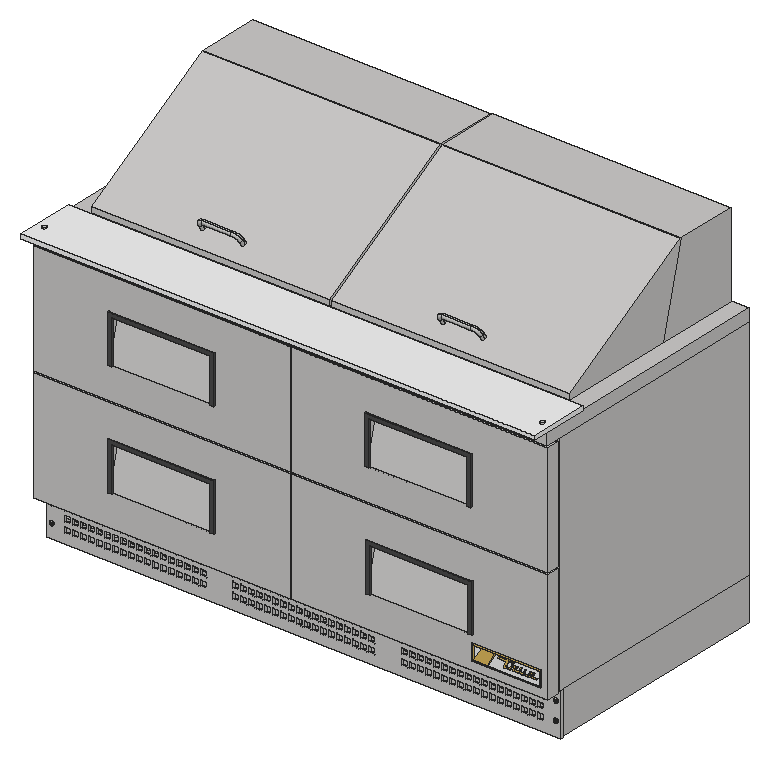
Revit family "QF_TRUE_TFP-64-24M-D4", category Specialty Equipment, Revit 2011
Parameters
  Weight = " "
  Watts = FL Amps * Volts  # 552 W
  Volts = 115 V
  URL Manufacturer = "www.truemfg.com"
  URL Cutsheet = "www.truemfg.com"
  URL = "www.truemfg.com"
  Type Mark [instance] = ""
  Status [instance] = ""
  Specification by User [instance] = ""
  Specification by Manufacturer = ""
  Show Logo [instance] = yes
  Show Clearance [instance] = yes
  Serial Number = ""
  Seismic Rating = ""
  SMACNA No = ""
  Revision Code [instance] = ""
  Phase = 1
  Omniclass Number and Title = ""
  Number of Poles [instance] = 1
  NAFEM Spec ID Number = ""
  Model = "TFP-64-24M-D4"
  Min Ckt Ampacity = 0 A
  Max Overcurrent Protection = 0 A
  MasterSpec. = ""
  Manufacturer = "TRUE FOOD SERVICE EQUIPMENT, INC."
  Item Number [instance] = ""
  Installed By [instance] = ""
  Identify Quantity as Lot [instance] = yes
  HP = "1/3"
  Furnished By [instance] = ""
  Foodservice Equipment Identifier [instance] = yes
  FL Amps = 4.8 A
  Electrical Remarks [instance] = ""
  Electric Connection Type [instance] = ""
  Elec Conn RI Height [instance] = 0"
  Elec Conn Connection Height [instance] = 0"
  Description = "DRAWERED FOOD PREP UNIT"
  Cycle = 60 Hz
  Conn Plug = "5-15P"
  Conn Conduit = yes
  CSI MasterFormat = ""
  CSI Master Format = ""
  Apparent Power = if(Phase = 3, Volts * FL Amps * 1.73, Volts * FL Amps)  # 552 VA
Reference planes (in)
  plane 1 "BACK": y = -16.5
  plane 2: z = 0
  plane 3 "LEFT": x = 0
  plane 4 "RIGHT": x = 64.125
  plane 5 "FRONT": y = -50.03125
  plane 6 "TOP": z = 46.5
  plane 7: x = 64.125
  plane 8: x = 17.125
  plane 9: y = -48
  plane 10: y = -72.375
Forms (in)
  Extrusion 1, solid, material "QF_Finishes_Stainless Steel"
    sketch origin (0.125, 0, 0) x (0, 1, 0) y (0, 0, 1)
      loop
        line (-16.5, 36) -> (-16.5, 46.5) -> (-24.34375, 46.5) -> (-27.1875, 36) -> (-16.5, 36)
    from 2.125 to 31.875
  Extrusion 2, solid, material "QF_Finishes_Stainless Steel"
    sketch origin (2.18763, 0, 0) x (0, 1, 0) y (0, 0, 1)
      loop
        line (-27.1875, 36) -> (-24.34375, 46.5) -> (-41.71875, 36.68893) -> (-41.71875, 36) -> (-27.1875, 36)
    from 0.06237 to 29.81237
  Extrusion 3, solid, material "QF_Finishes_Stainless Steel"
    sketch origin (0, 0, 0) x (0, 1, 0) y (0, 0, 1)
      loop
        line (-48, 36) -> (-48, 34.40823) -> (-16.5, 34.40823) -> (-16.5, 36) -> (-48, 36)
    from 0 to 64.125
  Extrusion 4, solid, material "QF_Finishes_Stainless Steel"
    sketch origin (0, 0, 0) x (0, 1, 0) y (0, 0, 1)
      loop
        line (-45.87, 34.40823) -> (-45.87, 6.04042) -> (-16.96875, 6.04042) -> (-16.96875, 3.25) -> (-45.12, 3.25) -> (-45.12, 1) -> (-45.62, 1) -> (-45.62, 0.75) -> (-44.87, 0.75) -> (-44.87, 3) -> (-16.96875, 3) -> (-16.96875, 0.75) -> (-16.5, 0.75) -> (-16.5, 34.40823) -> (-45.87, 34.40823)
    from 0 to 64.125
  Extrusion 5, solid, material "QF_Finishes_Stainless Steel"
    sketch origin (0, -16.5, 0) x (1, 0, 0) y (0, 0, 1)
      loop
        line (0, 0.75) -> (0.53645, 0.75) -> (0.53645, 6.04042) -> (0, 6.04042) -> (0, 0.75)
      loop
        line (32.125, 0.75) -> (32.125, 6.04042) -> (31.58855, 6.04042) -> (31.58855, 0.75) -> (32.125, 0.75)
    from 0 to 29.12
  Extrusion 6, solid, material "QF_Finishes_Black"
    sketch origin (0, 1.5, 0) x (0, 1, 0) y (0, 0, 1)
      loop
        line (-47.94201, 33.8406) -> (-47.94201, 6.82675) -> (-47.37, 6.82675) -> (-47.37, 33.8406) -> (-47.94201, 33.8406)
    from 0.53645 to 31.58855
  Extrusion 7, solid, material "QF_Finishes_Stainless Steel"
    sketch origin (0, 1.5, 0) x (0, 1, 0) y (0, 0, 1)
      loop
        line (-47.94201, 30.28323) -> (-49.5, 24.28323) -> (-47.94201, 24.28323) -> (-47.94201, 30.28323)
    from 9.4375 to 22.6875
  Extrusion 8, solid, material "QF_Finishes_Black"
    sketch origin (0, -48, 0) x (1, 0, 0) y (0, 0, 1)
      loop
        line (22.6875, 30.28323) -> (9.4375, 30.28323) -> (9.4375, 24.28323) -> (9.9375, 24.28323) -> (9.9375, 29.78323) -> (22.1875, 29.78323) -> (22.1875, 24.28323) -> (22.6875, 24.28323) -> (22.6875, 30.28323)
    from 0 to 0.125
  Extrusion 9, solid, material "QF_Finishes_White"
    sketch origin (0, 0, 0) x (0, 1, 0) y (0, 0, 1)
      loop
        line (-50.03125, 36.5) -> (-50.03125, 36) -> (-42.53125, 36) -> (-42.53125, 36.5) -> (-50.03125, 36.5)
    from 0 to 64.25
  Sweep 10, solid, material "QF_Finishes_Stainless Steel"
    path origin (0.94311, -19.52146, 7.92906) x (1, 0, 0) y (0, -0.560766, 0.827974)
      loop
        line (18.42574, 36.0969) -> (18.42574, 36.8469)
        arc (18.42574, 36.8469) -> (18.29892, 37.15309) -> (17.99273, 37.27992) r 0.43301
        line (17.99273, 37.27992) -> (14.37051, 37.27992)
        arc (14.37051, 37.27992) -> (14.06433, 37.15309) -> (13.9375, 36.8469) r 0.43301
        line (13.9375, 36.8469) -> (13.9375, 36.0969)
    profile origin (14.88061, -39.97367, 38.12686) x (1, 0, 0) y (0, -0.827974, -0.560766)
      loop
        circle (-0.25, 0) r 0.25
  Extrusion 11, solid, material "QF_Finishes_Handrails and Railings"
    sketch origin (0, -45.87, 0) x (1, 0, 0) y (0, 0, 1)
      loop
        circle (0.625, 4.80001) r 0.25
      loop
        circle (0.625, 2.55001) r 0.25
      loop
        line (0.60938, 4.93254) -> (0.60938, 4.81564) -> (0.49788, 4.81564) -> (0.49788, 4.78439) -> (0.60938, 4.78439) -> (0.60938, 4.66749) -> (0.64063, 4.66749) -> (0.64063, 4.78439) -> (0.75212, 4.78439) -> (0.75212, 4.81564) -> (0.64063, 4.81564) -> (0.64063, 4.93254) -> (0.60938, 4.93254)
      loop
        line (0.60937, 2.68254) -> (0.60937, 2.56564) -> (0.49788, 2.56564) -> (0.49788, 2.53439) -> (0.60937, 2.53439) -> (0.60937, 2.41749) -> (0.64062, 2.41749) -> (0.64062, 2.53439) -> (0.75212, 2.53439) -> (0.75212, 2.56564) -> (0.64062, 2.56564) -> (0.64062, 2.68254) -> (0.60937, 2.68254)
    from 0 to 0.0625
  Extrusion 12, solid, material "QF_Finishes_Satin - Goldenrod", visible <- "Show Logo"
    sketch origin (53.98583, -13.23203, -22.37075) x (1, 0, 0) y (0, 0, 1)
      loop
        line (4.18351, 31.09206) -> (4.10478, 30.92323) -> (5.15208, 30.92323)
        arc (5.15208, 30.92323) -> (5.17333, 30.88564) -> (5.15208, 30.84805) r 0.04386
        line (5.15208, 30.84805) -> (4.87892, 30.26228)
        arc (4.87892, 30.26228) -> (4.87656, 30.20802) -> (4.91325, 30.16798) r 0.07096
        line (4.91325, 30.16798) -> (5.5829, 30.16798)
        arc (5.5829, 30.16798) -> (5.66746, 30.19464) -> (5.72144, 30.26498) r 0.14742
        line (5.72144, 30.26498) -> (5.9364, 30.72597) -> (6.1339, 30.72597)
        arc (6.1339, 30.72597) -> (6.18572, 30.70692) -> (6.17822, 30.65222) r 0.04405
        line (6.17822, 30.65222) -> (5.99835, 30.26649)
        arc (5.99835, 30.26649) -> (6.00115, 30.20243) -> (6.05523, 30.16798) r 0.06943
        line (6.05523, 30.16798) -> (6.64365, 30.16798)
        arc (6.64365, 30.16798) -> (6.68873, 30.18439) -> (6.71272, 30.22594) r 0.07014
        arc (6.71272, 30.22594) -> (6.7297, 30.18495) -> (6.77068, 30.16798) r 0.05796
        line (6.77068, 30.16798) -> (7.14325, 30.16798)
        arc (7.14325, 30.16798) -> (7.18629, 30.17951) -> (7.2178, 30.21102) r 0.08608
        arc (7.2178, 30.21102) -> (7.23289, 30.1746) -> (7.26931, 30.15952) r 0.0515
        line (7.26931, 30.15952) -> (7.79882, 30.15952)
        arc (7.79882, 30.15952) -> (7.84211, 30.17745) -> (7.86005, 30.22074) r 0.06122
        arc (7.86005, 30.22074) -> (7.89973, 30.18105) -> (7.95394, 30.16653) r 0.10842
        line (7.95394, 30.16653) -> (8.94586, 30.16653) -> (9.05604, 30.35737) -> (8.05555, 30.35737)
        arc (8.05555, 30.35737) -> (8.02794, 30.37652) -> (8.02691, 30.41011) r 0.03732
        line (8.02691, 30.41011) -> (8.04422, 30.44722)
        arc (8.04422, 30.44722) -> (8.07079, 30.48203) -> (8.11255, 30.49524) r 0.07263
        line (8.11255, 30.49524) -> (8.43414, 30.49524)
        arc (8.43414, 30.49524) -> (8.50355, 30.51383) -> (8.55436, 30.56465) r 0.13882
        line (8.55436, 30.56465) -> (8.6475, 30.72597)
        arc (8.6475, 30.72597) -> (8.6475, 30.81208) -> (8.57293, 30.85513) r 0.08611
        line (8.57293, 30.85513) -> (8.23352, 30.85513)
        arc (8.23352, 30.85513) -> (8.14699, 30.84044) -> (8.08663, 30.77673) r 0.13863
        line (8.08663, 30.77673) -> (7.92534, 30.43083)
        arc (7.92534, 30.43083) -> (7.87774, 30.3688) -> (7.80316, 30.34528) r 0.13002
        line (7.80316, 30.34528) -> (7.45109, 30.34528)
        arc (7.45109, 30.34528) -> (7.40895, 30.39128) -> (7.41167, 30.4536) r 0.08151
        line (7.41167, 30.4536) -> (7.59891, 30.85513) -> (7.47974, 30.85513) -> (7.28137, 30.42972)
        arc (7.28137, 30.42972) -> (7.24283, 30.37949) -> (7.18244, 30.36046) r 0.10527
        line (7.18244, 30.36046) -> (6.93967, 30.36046)
        arc (6.93967, 30.36046) -> (6.89865, 30.41392) -> (6.90744, 30.48073) r 0.08805
        line (6.90744, 30.48073) -> (7.08203, 30.85513) -> (6.95897, 30.85513) -> (6.75801, 30.42418)
        arc (6.75801, 30.42418) -> (6.71136, 30.37753) -> (6.64764, 30.36046) r 0.12745
        line (6.64764, 30.36046) -> (6.29609, 30.36046)
        arc (6.29609, 30.36046) -> (6.23295, 30.3899) -> (6.22688, 30.4593) r 0.06967
        line (6.22688, 30.4593) -> (6.34243, 30.70711) -> (6.50577, 30.70711)
        arc (6.50577, 30.70711) -> (6.53334, 30.79018) -> (6.592, 30.85513) r 0.21289
        line (6.592, 30.85513) -> (5.95369, 30.85513)
        arc (5.95369, 30.85513) -> (5.88276, 30.83941) -> (5.83367, 30.78584) r 0.12081
        line (5.83367, 30.78584) -> (5.66065, 30.4148)
        arc (5.66065, 30.4148) -> (5.62087, 30.37502) -> (5.56653, 30.36046) r 0.10869
        line (5.56653, 30.36046) -> (5.18545, 30.36046)
        arc (5.18545, 30.36046) -> (5.15571, 30.40065) -> (5.16137, 30.45033) r 0.06822
        line (5.16137, 30.45033) -> (5.41281, 30.92323) -> (6.04721, 30.92323) -> (6.12594, 31.09206) -> (5.49154, 31.09206) -> (5.57027, 31.2609) -> (5.34459, 31.2609) -> (5.26586, 31.09206) -> (4.18351, 31.09206)
      loop
        arc (8.19062, 30.70184) -> (8.16316, 30.69448) -> (8.14305, 30.67438) r 0.05494
        line (8.14305, 30.67438) -> (8.12672, 30.62415)
        arc (8.12672, 30.62415) -> (8.13429, 30.60587) -> (8.15258, 30.59829) r 0.02586
        line (8.15258, 30.59829) -> (8.43014, 30.59829)
        arc (8.43014, 30.59829) -> (8.45013, 30.60273) -> (8.46638, 30.6152) r 0.04731
        line (8.46638, 30.6152) -> (8.47988, 30.6777)
        arc (8.47988, 30.6777) -> (8.47591, 30.69443) -> (8.46039, 30.70184) r 0.01994
        line (8.46039, 30.70184) -> (8.19062, 30.70184)
      loop
        line (1.13539, 29.6475) -> (2.84485, 29.6475) -> (3.77016, 31.25018) -> (2.0607, 31.25018) -> (1.13539, 29.6475)
    from 34.76797 to 34.83173
  Extrusion 13, solid, material "QF_Finishes_White", visible <- "Show Logo"
    sketch origin (-10.51627, -13.25, -25.21535) x (1, 0, 0) y (0, 0, 1)
      loop
        line (73.84232, 34.15728) -> (65.51732, 34.15728) -> (65.51732, 32.4296) -> (73.84232, 32.4296) -> (73.84232, 34.15728)
    from 34.75 to 34.76797
  Extrusion 14, solid, material "QF_Finishes_Satin - Goldenrod", visible <- "Show Logo"
    sketch origin (-10.51627, -13.25, -25.21535) x (1, 0, 0) y (0, 0, 1)
      loop
        line (73.97982, 34.29477) -> (65.37982, 34.29477) -> (65.37982, 32.2921) -> (73.97982, 32.2921) -> (73.97982, 34.29477)
      loop
        line (65.51732, 34.15728) -> (65.51732, 32.4296) -> (73.84232, 32.4296) -> (73.84232, 34.15728) -> (65.51732, 34.15728)
    from 34.75 to 34.80335
  Revolve 15, solid, material "QF_Finishes_Black"
    sketch origin (1.76401, -42.04829, 0.25) x (1, 0, 0) y (0, 0, 1)
      loop
        line (2.62908, 2.14592) -> (2.525, 2.25) -> (1.475, 2.25) -> (1.375, 2.15) -> (1.375, 1.10871) -> (1.05969, 1.10871) -> (1.05969, 1) -> (2.94031, 1) -> (2.94031, 1.10871) -> (2.62908, 1.10871) -> (2.62908, 2.14592)
      axis (2.94031, 1) -> (1.05969, 1)
    angle from 0 to 360
  Revolve 16, solid, material "QF_Finishes_Chrome - Satin"
    sketch origin (1.76605, -42.79776, -2.97972) x (1, 0, 0) y (0, 0, 1)
      loop
        line (2, 5.74546) -> (2, 5.97972) -> (0.70293, 5.97972) -> (0.70293, 5.74546) -> (2, 5.74546)
      axis (2, 5.74546) -> (2, 5.97972)
    angle from 0 to 360
  Extrusion 17, solid, material "QF_Finishes_Handrails and Railings"
    sketch origin (-46.0152, -14.33096, -2.47972) x (0, 1, 0) y (0, 0, 1)
      loop
        line (-29.85761, 5.24546) -> (-29.85761, 5.04886) -> (-27.1095, 5.04886) -> (-27.1095, 5.24546) -> (-29.85761, 5.24546)
    from 49.10625 to 50.45625
  Extrusion 18, solid, material "QF_Finishes_Handrails and Railings"
    sketch origin (1.76605, -12.67471, -2.21999) x (0, 1, 0) y (0, 0, 1)
      loop
        line (-31.51386, 4.98574) -> (-31.51386, 4.78914) -> (-31.17057, 4.78914) -> (-29.89421, 3.10275)
        arc (-29.89421, 3.10275) -> (-29.21858, 2.8289) -> (-28.76575, 3.40024) r 0.60806
        line (-28.76575, 3.40024) -> (-28.76575, 4.98574) -> (-31.51386, 4.98574)
    from 1.175 to 1.325
  Extrusion 19, solid, material "QF_Finishes_Handrails and Railings"
    sketch origin (5.76605, -12.67471, -2.21999) x (0, 1, 0) y (0, 0, -1)
      loop
        line (-31.51386, -4.98574) -> (-28.76575, -4.98574) -> (-28.76575, -3.40024)
        arc (-28.76575, -3.40024) -> (-29.21858, -2.8289) -> (-29.89421, -3.10275) r 0.60806
        line (-29.89421, -3.10275) -> (-31.17057, -4.78914) -> (-31.51386, -4.78914) -> (-31.51386, -4.98574)
    from 1.175 to 1.325
  Revolve 20, solid, material "QF_Finishes_Black"
    sketch origin (1.76401, -18.86079, 0.25) x (1, 0, 0) y (0, 0, 1)
      loop
        line (2.62908, 2.14592) -> (2.525, 2.25) -> (1.475, 2.25) -> (1.375, 2.15) -> (1.375, 1.10871) -> (1.05969, 1.10871) -> (1.05969, 1) -> (2.94031, 1) -> (2.94031, 1.10871) -> (2.62908, 1.10871) -> (2.62908, 2.14592)
      axis (2.94031, 1) -> (1.05969, 1)
    angle from 0 to 360
  Revolve 21, solid, material "QF_Finishes_Chrome - Satin"
    sketch origin (1.76605, -19.61026, -2.97972) x (1, 0, 0) y (0, 0, 1)
      loop
        line (2, 5.74546) -> (2, 5.97972) -> (0.70293, 5.97972) -> (0.70293, 5.74546) -> (2, 5.74546)
      axis (2, 5.74546) -> (2, 5.97972)
    angle from 0 to 360
  Extrusion 22, solid, material "QF_Finishes_Handrails and Railings"
    sketch origin (-46.0152, 8.85654, -2.47972) x (0, 1, 0) y (0, 0, 1)
      loop
        line (-29.85761, 5.24546) -> (-29.85761, 5.04886) -> (-27.1095, 5.04886) -> (-27.1095, 5.24546) -> (-29.85761, 5.24546)
    from 49.10625 to 50.45625
  Extrusion 23, solid, material "QF_Finishes_Handrails and Railings"
    sketch origin (1.76605, 10.51279, -2.21999) x (0, 1, 0) y (0, 0, 1)
      loop
        line (-31.51386, 4.98574) -> (-31.51386, 4.78914) -> (-31.17057, 4.78914) -> (-29.89421, 3.10275)
        arc (-29.89421, 3.10275) -> (-29.21858, 2.8289) -> (-28.76575, 3.40024) r 0.60806
        line (-28.76575, 3.40024) -> (-28.76575, 4.98574) -> (-31.51386, 4.98574)
    from 1.175 to 1.325
  Extrusion 24, solid, material "QF_Finishes_Handrails and Railings"
    sketch origin (5.76605, 10.51279, -2.21999) x (0, 1, 0) y (0, 0, -1)
      loop
        line (-31.51386, -4.98574) -> (-28.76575, -4.98574) -> (-28.76575, -3.40024)
        arc (-28.76575, -3.40024) -> (-29.21858, -2.8289) -> (-29.89421, -3.10275) r 0.60806
        line (-29.89421, -3.10275) -> (-31.17057, -4.78914) -> (-31.51386, -4.78914) -> (-31.51386, -4.98574)
    from 1.175 to 1.325
  Extrusion 25, solid, material "QF_Finishes_Stainless Steel"
    sketch origin (32.125, -16.5, 0) x (1, 0, 0) y (0, 0, 1)
      loop
        circle (29.81237, 6.1875) r 0.25
    from 0 to 0.125
  Extrusion 26, solid, material "QF_Finishes_Handrails and Railings"
    sketch origin (0, 0, 36.5) x (1, 0, 0) y (0, 1, 0)
      loop
        circle (1, -47.5255) r 0.25
    from 0 to 0.0625
  Extrusion 27, solid, material "QF_Finishes_Stainless Steel"
    sketch origin (8, -16, 0) x (1, 0, 0) y (0, 0, 1)
      loop
        line (-8, 0.75) -> (56.25, 0.75) -> (56.25, 6.05001) -> (-8, 6.05001) -> (-8, 0.75)
      loop
        line (-5.8125, 5.23339) -> (-5.8125, 4.48339) -> (-5.0625, 4.48339) -> (-5.0625, 5.23339) -> (-5.8125, 5.23339)
      loop
        line (-3.8125, 5.23339) -> (-3.8125, 4.48339) -> (-3.0625, 4.48339) -> (-3.0625, 5.23339) -> (-3.8125, 5.23339)
      loop
        line (-1.8125, 5.23339) -> (-1.8125, 4.48339) -> (-1.0625, 4.48339) -> (-1.0625, 5.23339) -> (-1.8125, 5.23339)
      loop
        line (0.1875, 5.23339) -> (0.1875, 4.48339) -> (0.9375, 4.48339) -> (0.9375, 5.23339) -> (0.1875, 5.23339)
      loop
        line (2.1875, 5.23339) -> (2.1875, 4.48339) -> (2.9375, 4.48339) -> (2.9375, 5.23339) -> (2.1875, 5.23339)
      loop
        line (4.1875, 5.23339) -> (4.1875, 4.48339) -> (4.9375, 4.48339) -> (4.9375, 5.23339) -> (4.1875, 5.23339)
      loop
        line (6.1875, 5.23339) -> (6.1875, 4.48339) -> (6.9375, 4.48339) -> (6.9375, 5.23339) -> (6.1875, 5.23339)
      loop
        line (-5.8125, 3.98339) -> (-5.8125, 3.23339) -> (-5.0625, 3.23339) -> (-5.0625, 3.98339) -> (-5.8125, 3.98339)
      loop
        line (-3.8125, 3.98339) -> (-3.8125, 3.23339) -> (-3.0625, 3.23339) -> (-3.0625, 3.98339) -> (-3.8125, 3.98339)
      loop
        line (-1.8125, 3.98339) -> (-1.8125, 3.23339) -> (-1.0625, 3.23339) -> (-1.0625, 3.98339) -> (-1.8125, 3.98339)
      loop
        line (0.1875, 3.98339) -> (0.1875, 3.23339) -> (0.9375, 3.23339) -> (0.9375, 3.98339) -> (0.1875, 3.98339)
      loop
        line (2.1875, 3.98339) -> (2.1875, 3.23339) -> (2.9375, 3.23339) -> (2.9375, 3.98339) -> (2.1875, 3.98339)
      loop
        line (4.1875, 3.98339) -> (4.1875, 3.23339) -> (4.9375, 3.23339) -> (4.9375, 3.98339) -> (4.1875, 3.98339)
      loop
        line (6.1875, 3.98339) -> (6.1875, 3.23339) -> (6.9375, 3.23339) -> (6.9375, 3.98339) -> (6.1875, 3.98339)
      loop
        line (-5.8125, 2.73339) -> (-5.8125, 1.98339) -> (-5.0625, 1.98339) -> (-5.0625, 2.73339) -> (-5.8125, 2.73339)
      loop
        line (-3.8125, 2.73339) -> (-3.8125, 1.98339) -> (-3.0625, 1.98339) -> (-3.0625, 2.73339) -> (-3.8125, 2.73339)
      loop
        line (-1.8125, 2.73339) -> (-1.8125, 1.98339) -> (-1.0625, 1.98339) -> (-1.0625, 2.73339) -> (-1.8125, 2.73339)
      loop
        line (0.1875, 2.73339) -> (0.1875, 1.98339) -> (0.9375, 1.98339) -> (0.9375, 2.73339) -> (0.1875, 2.73339)
      loop
        line (2.1875, 2.73339) -> (2.1875, 1.98339) -> (2.9375, 1.98339) -> (2.9375, 2.73339) -> (2.1875, 2.73339)
      loop
        line (4.1875, 2.73339) -> (4.1875, 1.98339) -> (4.9375, 1.98339) -> (4.9375, 2.73339) -> (4.1875, 2.73339)
      loop
        line (6.1875, 2.73339) -> (6.1875, 1.98339) -> (6.9375, 1.98339) -> (6.9375, 2.73339) -> (6.1875, 2.73339)
      loop
        line (-4.8125, 5.23339) -> (-4.8125, 4.48339) -> (-4.0625, 4.48339) -> (-4.0625, 5.23339) -> (-4.8125, 5.23339)
      loop
        line (-4.8125, 3.98339) -> (-4.8125, 3.23339) -> (-4.0625, 3.23339) -> (-4.0625, 3.98339) -> (-4.8125, 3.98339)
      loop
        line (-4.8125, 2.73339) -> (-4.8125, 1.98339) -> (-4.0625, 1.98339) -> (-4.0625, 2.73339) -> (-4.8125, 2.73339)
      loop
        line (-2.8125, 5.23339) -> (-2.8125, 4.48339) -> (-2.0625, 4.48339) -> (-2.0625, 5.23339) -> (-2.8125, 5.23339)
      loop
        line (-2.8125, 3.98339) -> (-2.8125, 3.23339) -> (-2.0625, 3.23339) -> (-2.0625, 3.98339) -> (-2.8125, 3.98339)
      loop
        line (-2.8125, 2.73339) -> (-2.8125, 1.98339) -> (-2.0625, 1.98339) -> (-2.0625, 2.73339) -> (-2.8125, 2.73339)
      loop
        line (-0.8125, 5.23339) -> (-0.8125, 4.48339) -> (-0.0625, 4.48339) -> (-0.0625, 5.23339) -> (-0.8125, 5.23339)
      loop
        line (-0.8125, 3.98339) -> (-0.8125, 3.23339) -> (-0.0625, 3.23339) -> (-0.0625, 3.98339) -> (-0.8125, 3.98339)
      loop
        line (-0.8125, 2.73339) -> (-0.8125, 1.98339) -> (-0.0625, 1.98339) -> (-0.0625, 2.73339) -> (-0.8125, 2.73339)
      loop
        line (1.1875, 5.23339) -> (1.1875, 4.48339) -> (1.9375, 4.48339) -> (1.9375, 5.23339) -> (1.1875, 5.23339)
      loop
        line (1.1875, 3.98339) -> (1.1875, 3.23339) -> (1.9375, 3.23339) -> (1.9375, 3.98339) -> (1.1875, 3.98339)
      loop
        line (1.1875, 2.73339) -> (1.1875, 1.98339) -> (1.9375, 1.98339) -> (1.9375, 2.73339) -> (1.1875, 2.73339)
      loop
        line (3.1875, 5.23339) -> (3.1875, 4.48339) -> (3.9375, 4.48339) -> (3.9375, 5.23339) -> (3.1875, 5.23339)
      loop
        line (3.1875, 3.98339) -> (3.1875, 3.23339) -> (3.9375, 3.23339) -> (3.9375, 3.98339) -> (3.1875, 3.98339)
      loop
        line (3.1875, 2.73339) -> (3.1875, 1.98339) -> (3.9375, 1.98339) -> (3.9375, 2.73339) -> (3.1875, 2.73339)
      loop
        line (5.1875, 5.23339) -> (5.1875, 4.48339) -> (5.9375, 4.48339) -> (5.9375, 5.23339) -> (5.1875, 5.23339)
      loop
        line (5.1875, 3.98339) -> (5.1875, 3.23339) -> (5.9375, 3.23339) -> (5.9375, 3.98339) -> (5.1875, 3.98339)
      loop
        line (5.1875, 2.73339) -> (5.1875, 1.98339) -> (5.9375, 1.98339) -> (5.9375, 2.73339) -> (5.1875, 2.73339)
      loop
        line (8.1875, 5.23339) -> (8.1875, 4.48339) -> (8.9375, 4.48339) -> (8.9375, 5.23339) -> (8.1875, 5.23339)
      loop
        line (10.1875, 5.23339) -> (10.1875, 4.48339) -> (10.9375, 4.48339) -> (10.9375, 5.23339) -> (10.1875, 5.23339)
      loop
        line (8.1875, 3.98339) -> (8.1875, 3.23339) -> (8.9375, 3.23339) -> (8.9375, 3.98339) -> (8.1875, 3.98339)
      loop
        line (10.1875, 3.98339) -> (10.1875, 3.23339) -> (10.9375, 3.23339) -> (10.9375, 3.98339) -> (10.1875, 3.98339)
      loop
        line (8.1875, 2.73339) -> (8.1875, 1.98339) -> (8.9375, 1.98339) -> (8.9375, 2.73339) -> (8.1875, 2.73339)
      loop
        line (10.1875, 2.73339) -> (10.1875, 1.98339) -> (10.9375, 1.98339) -> (10.9375, 2.73339) -> (10.1875, 2.73339)
      loop
        line (7.1875, 5.23339) -> (7.1875, 4.48339) -> (7.9375, 4.48339) -> (7.9375, 5.23339) -> (7.1875, 5.23339)
      loop
        line (7.1875, 3.98339) -> (7.1875, 3.23339) -> (7.9375, 3.23339) -> (7.9375, 3.98339) -> (7.1875, 3.98339)
      loop
        line (7.1875, 2.73339) -> (7.1875, 1.98339) -> (7.9375, 1.98339) -> (7.9375, 2.73339) -> (7.1875, 2.73339)
      loop
        line (9.1875, 5.23339) -> (9.1875, 4.48339) -> (9.9375, 4.48339) -> (9.9375, 5.23339) -> (9.1875, 5.23339)
      loop
        line (9.1875, 3.98339) -> (9.1875, 3.23339) -> (9.9375, 3.23339) -> (9.9375, 3.98339) -> (9.1875, 3.98339)
      loop
        line (9.1875, 2.73339) -> (9.1875, 1.98339) -> (9.9375, 1.98339) -> (9.9375, 2.73339) -> (9.1875, 2.73339)
      loop
        line (11.1875, 5.23339) -> (11.1875, 4.48339) -> (11.9375, 4.48339) -> (11.9375, 5.23339) -> (11.1875, 5.23339)
      loop
        line (11.1875, 3.98339) -> (11.1875, 3.23339) -> (11.9375, 3.23339) -> (11.9375, 3.98339) -> (11.1875, 3.98339)
      loop
        line (11.1875, 2.73339) -> (11.1875, 1.98339) -> (11.9375, 1.98339) -> (11.9375, 2.73339) -> (11.1875, 2.73339)
      loop
        line (15.25, 5.23339) -> (15.25, 4.48339) -> (16, 4.48339) -> (16, 5.23339) -> (15.25, 5.23339)
      loop
        line (17.25, 5.23339) -> (17.25, 4.48339) -> (18, 4.48339) -> (18, 5.23339) -> (17.25, 5.23339)
      loop
        line (19.25, 5.23339) -> (19.25, 4.48339) -> (20, 4.48339) -> (20, 5.23339) -> (19.25, 5.23339)
      loop
        line (21.25, 5.23339) -> (21.25, 4.48339) -> (22, 4.48339) -> (22, 5.23339) -> (21.25, 5.23339)
      loop
        line (23.25, 5.23339) -> (23.25, 4.48339) -> (24, 4.48339) -> (24, 5.23339) -> (23.25, 5.23339)
      loop
        line (25.25, 5.23339) -> (25.25, 4.48339) -> (26, 4.48339) -> (26, 5.23339) -> (25.25, 5.23339)
      loop
        line (27.25, 5.23339) -> (27.25, 4.48339) -> (28, 4.48339) -> (28, 5.23339) -> (27.25, 5.23339)
      loop
        line (15.25, 3.98339) -> (15.25, 3.23339) -> (16, 3.23339) -> (16, 3.98339) -> (15.25, 3.98339)
      loop
        line (17.25, 3.98339) -> (17.25, 3.23339) -> (18, 3.23339) -> (18, 3.98339) -> (17.25, 3.98339)
      loop
        line (19.25, 3.98339) -> (19.25, 3.23339) -> (20, 3.23339) -> (20, 3.98339) -> (19.25, 3.98339)
      loop
        line (21.25, 3.98339) -> (21.25, 3.23339) -> (22, 3.23339) -> (22, 3.98339) -> (21.25, 3.98339)
      loop
        line (23.25, 3.98339) -> (23.25, 3.23339) -> (24, 3.23339) -> (24, 3.98339) -> (23.25, 3.98339)
      loop
        line (25.25, 3.98339) -> (25.25, 3.23339) -> (26, 3.23339) -> (26, 3.98339) -> (25.25, 3.98339)
      loop
        line (27.25, 3.98339) -> (27.25, 3.23339) -> (28, 3.23339) -> (28, 3.98339) -> (27.25, 3.98339)
      loop
        line (15.25, 2.73339) -> (15.25, 1.98339) -> (16, 1.98339) -> (16, 2.73339) -> (15.25, 2.73339)
      loop
        line (17.25, 2.73339) -> (17.25, 1.98339) -> (18, 1.98339) -> (18, 2.73339) -> (17.25, 2.73339)
      loop
        line (19.25, 2.73339) -> (19.25, 1.98339) -> (20, 1.98339) -> (20, 2.73339) -> (19.25, 2.73339)
      loop
        line (21.25, 2.73339) -> (21.25, 1.98339) -> (22, 1.98339) -> (22, 2.73339) -> (21.25, 2.73339)
      loop
        line (23.25, 2.73339) -> (23.25, 1.98339) -> (24, 1.98339) -> (24, 2.73339) -> (23.25, 2.73339)
      loop
        line (25.25, 2.73339) -> (25.25, 1.98339) -> (26, 1.98339) -> (26, 2.73339) -> (25.25, 2.73339)
      loop
        line (27.25, 2.73339) -> (27.25, 1.98339) -> (28, 1.98339) -> (28, 2.73339) -> (27.25, 2.73339)
      loop
        line (16.25, 5.23339) -> (16.25, 4.48339) -> (17, 4.48339) -> (17, 5.23339) -> (16.25, 5.23339)
      loop
        line (16.25, 3.98339) -> (16.25, 3.23339) -> (17, 3.23339) -> (17, 3.98339) -> (16.25, 3.98339)
      loop
        line (16.25, 2.73339) -> (16.25, 1.98339) -> (17, 1.98339) -> (17, 2.73339) -> (16.25, 2.73339)
      loop
        line (18.25, 5.23339) -> (18.25, 4.48339) -> (19, 4.48339) -> (19, 5.23339) -> (18.25, 5.23339)
      loop
        line (18.25, 3.98339) -> (18.25, 3.23339) -> (19, 3.23339) -> (19, 3.98339) -> (18.25, 3.98339)
      loop
        line (18.25, 2.73339) -> (18.25, 1.98339) -> (19, 1.98339) -> (19, 2.73339) -> (18.25, 2.73339)
      loop
        line (20.25, 5.23339) -> (20.25, 4.48339) -> (21, 4.48339) -> (21, 5.23339) -> (20.25, 5.23339)
      loop
        line (20.25, 3.98339) -> (20.25, 3.23339) -> (21, 3.23339) -> (21, 3.98339) -> (20.25, 3.98339)
      loop
        line (20.25, 2.73339) -> (20.25, 1.98339) -> (21, 1.98339) -> (21, 2.73339) -> (20.25, 2.73339)
      loop
        line (22.25, 5.23339) -> (22.25, 4.48339) -> (23, 4.48339) -> (23, 5.23339) -> (22.25, 5.23339)
      loop
        line (22.25, 3.98339) -> (22.25, 3.23339) -> (23, 3.23339) -> (23, 3.98339) -> (22.25, 3.98339)
      loop
        line (22.25, 2.73339) -> (22.25, 1.98339) -> (23, 1.98339) -> (23, 2.73339) -> (22.25, 2.73339)
      loop
        line (24.25, 5.23339) -> (24.25, 4.48339) -> (25, 4.48339) -> (25, 5.23339) -> (24.25, 5.23339)
      loop
        line (24.25, 3.98339) -> (24.25, 3.23339) -> (25, 3.23339) -> (25, 3.98339) -> (24.25, 3.98339)
      loop
        line (24.25, 2.73339) -> (24.25, 1.98339) -> (25, 1.98339) -> (25, 2.73339) -> (24.25, 2.73339)
      loop
        line (26.25, 5.23339) -> (26.25, 4.48339) -> (27, 4.48339) -> (27, 5.23339) -> (26.25, 5.23339)
      loop
        line (26.25, 3.98339) -> (26.25, 3.23339) -> (27, 3.23339) -> (27, 3.98339) -> (26.25, 3.98339)
      loop
        line (26.25, 2.73339) -> (26.25, 1.98339) -> (27, 1.98339) -> (27, 2.73339) -> (26.25, 2.73339)
      loop
        line (29.25, 5.23339) -> (29.25, 4.48339) -> (30, 4.48339) -> (30, 5.23339) -> (29.25, 5.23339)
      loop
        line (31.25, 5.23339) -> (31.25, 4.48339) -> (32, 4.48339) -> (32, 5.23339) -> (31.25, 5.23339)
      loop
        line (29.25, 3.98339) -> (29.25, 3.23339) -> (30, 3.23339) -> (30, 3.98339) -> (29.25, 3.98339)
      loop
        line (31.25, 3.98339) -> (31.25, 3.23339) -> (32, 3.23339) -> (32, 3.98339) -> (31.25, 3.98339)
      loop
        line (29.25, 2.73339) -> (29.25, 1.98339) -> (30, 1.98339) -> (30, 2.73339) -> (29.25, 2.73339)
      loop
        line (31.25, 2.73339) -> (31.25, 1.98339) -> (32, 1.98339) -> (32, 2.73339) -> (31.25, 2.73339)
      loop
        line (28.25, 5.23339) -> (28.25, 4.48339) -> (29, 4.48339) -> (29, 5.23339) -> (28.25, 5.23339)
      loop
        line (28.25, 3.98339) -> (28.25, 3.23339) -> (29, 3.23339) -> (29, 3.98339) -> (28.25, 3.98339)
      loop
        line (28.25, 2.73339) -> (28.25, 1.98339) -> (29, 1.98339) -> (29, 2.73339) -> (28.25, 2.73339)
      loop
        line (30.25, 5.23339) -> (30.25, 4.48339) -> (31, 4.48339) -> (31, 5.23339) -> (30.25, 5.23339)
      loop
        line (30.25, 3.98339) -> (30.25, 3.23339) -> (31, 3.23339) -> (31, 3.98339) -> (30.25, 3.98339)
      loop
        line (30.25, 2.73339) -> (30.25, 1.98339) -> (31, 1.98339) -> (31, 2.73339) -> (30.25, 2.73339)
      loop
        line (32.25, 5.23339) -> (32.25, 4.48339) -> (33, 4.48339) -> (33, 5.23339) -> (32.25, 5.23339)
      loop
        line (32.25, 3.98339) -> (32.25, 3.23339) -> (33, 3.23339) -> (33, 3.98339) -> (32.25, 3.98339)
      loop
        line (32.25, 2.73339) -> (32.25, 1.98339) -> (33, 1.98339) -> (33, 2.73339) -> (32.25, 2.73339)
      loop
        line (54.0625, 5.23339) -> (53.3125, 5.23339) -> (53.3125, 4.48339) -> (54.0625, 4.48339) -> (54.0625, 5.23339)
      loop
        line (52.0625, 5.23339) -> (51.3125, 5.23339) -> (51.3125, 4.48339) -> (52.0625, 4.48339) -> (52.0625, 5.23339)
      loop
        line (50.0625, 5.23339) -> (49.3125, 5.23339) -> (49.3125, 4.48339) -> (50.0625, 4.48339) -> (50.0625, 5.23339)
      loop
        line (48.0625, 5.23339) -> (47.3125, 5.23339) -> (47.3125, 4.48339) -> (48.0625, 4.48339) -> (48.0625, 5.23339)
      loop
        line (46.0625, 5.23339) -> (45.3125, 5.23339) -> (45.3125, 4.48339) -> (46.0625, 4.48339) -> (46.0625, 5.23339)
      loop
        line (44.0625, 5.23339) -> (43.3125, 5.23339) -> (43.3125, 4.48339) -> (44.0625, 4.48339) -> (44.0625, 5.23339)
      loop
        line (42.0625, 5.23339) -> (41.3125, 5.23339) -> (41.3125, 4.48339) -> (42.0625, 4.48339) -> (42.0625, 5.23339)
      loop
        line (54.0625, 3.98339) -> (53.3125, 3.98339) -> (53.3125, 3.23339) -> (54.0625, 3.23339) -> (54.0625, 3.98339)
      loop
        line (52.0625, 3.98339) -> (51.3125, 3.98339) -> (51.3125, 3.23339) -> (52.0625, 3.23339) -> (52.0625, 3.98339)
      loop
        line (50.0625, 3.98339) -> (49.3125, 3.98339) -> (49.3125, 3.23339) -> (50.0625, 3.23339) -> (50.0625, 3.98339)
      loop
        line (48.0625, 3.98339) -> (47.3125, 3.98339) -> (47.3125, 3.23339) -> (48.0625, 3.23339) -> (48.0625, 3.98339)
      loop
        line (46.0625, 3.98339) -> (45.3125, 3.98339) -> (45.3125, 3.23339) -> (46.0625, 3.23339) -> (46.0625, 3.98339)
      loop
        line (44.0625, 3.98339) -> (43.3125, 3.98339) -> (43.3125, 3.23339) -> (44.0625, 3.23339) -> (44.0625, 3.98339)
      loop
        line (42.0625, 3.98339) -> (41.3125, 3.98339) -> (41.3125, 3.23339) -> (42.0625, 3.23339) -> (42.0625, 3.98339)
      loop
        line (54.0625, 2.73339) -> (53.3125, 2.73339) -> (53.3125, 1.98339) -> (54.0625, 1.98339) -> (54.0625, 2.73339)
      loop
        line (52.0625, 2.73339) -> (51.3125, 2.73339) -> (51.3125, 1.98339) -> (52.0625, 1.98339) -> (52.0625, 2.73339)
      loop
        line (50.0625, 2.73339) -> (49.3125, 2.73339) -> (49.3125, 1.98339) -> (50.0625, 1.98339) -> (50.0625, 2.73339)
      loop
        line (48.0625, 2.73339) -> (47.3125, 2.73339) -> (47.3125, 1.98339) -> (48.0625, 1.98339) -> (48.0625, 2.73339)
      loop
        line (46.0625, 2.73339) -> (45.3125, 2.73339) -> (45.3125, 1.98339) -> (46.0625, 1.98339) -> (46.0625, 2.73339)
      loop
        line (44.0625, 2.73339) -> (43.3125, 2.73339) -> (43.3125, 1.98339) -> (44.0625, 1.98339) -> (44.0625, 2.73339)
      loop
        line (42.0625, 2.73339) -> (41.3125, 2.73339) -> (41.3125, 1.98339) -> (42.0625, 1.98339) -> (42.0625, 2.73339)
      loop
        line (53.0625, 5.23339) -> (52.3125, 5.23339) -> (52.3125, 4.48339) -> (53.0625, 4.48339) -> (53.0625, 5.23339)
      loop
        line (53.0625, 3.98339) -> (52.3125, 3.98339) -> (52.3125, 3.23339) -> (53.0625, 3.23339) -> (53.0625, 3.98339)
      loop
        line (53.0625, 2.73339) -> (52.3125, 2.73339) -> (52.3125, 1.98339) -> (53.0625, 1.98339) -> (53.0625, 2.73339)
      loop
        line (51.0625, 5.23339) -> (50.3125, 5.23339) -> (50.3125, 4.48339) -> (51.0625, 4.48339) -> (51.0625, 5.23339)
      loop
        line (51.0625, 3.98339) -> (50.3125, 3.98339) -> (50.3125, 3.23339) -> (51.0625, 3.23339) -> (51.0625, 3.98339)
      loop
        line (51.0625, 2.73339) -> (50.3125, 2.73339) -> (50.3125, 1.98339) -> (51.0625, 1.98339) -> (51.0625, 2.73339)
      loop
        line (49.0625, 5.23339) -> (48.3125, 5.23339) -> (48.3125, 4.48339) -> (49.0625, 4.48339) -> (49.0625, 5.23339)
      loop
        line (49.0625, 3.98339) -> (48.3125, 3.98339) -> (48.3125, 3.23339) -> (49.0625, 3.23339) -> (49.0625, 3.98339)
      loop
        line (49.0625, 2.73339) -> (48.3125, 2.73339) -> (48.3125, 1.98339) -> (49.0625, 1.98339) -> (49.0625, 2.73339)
      loop
        line (47.0625, 5.23339) -> (46.3125, 5.23339) -> (46.3125, 4.48339) -> (47.0625, 4.48339) -> (47.0625, 5.23339)
      loop
        line (47.0625, 3.98339) -> (46.3125, 3.98339) -> (46.3125, 3.23339) -> (47.0625, 3.23339) -> (47.0625, 3.98339)
      loop
        line (47.0625, 2.73339) -> (46.3125, 2.73339) -> (46.3125, 1.98339) -> (47.0625, 1.98339) -> (47.0625, 2.73339)
      loop
        line (45.0625, 5.23339) -> (44.3125, 5.23339) -> (44.3125, 4.48339) -> (45.0625, 4.48339) -> (45.0625, 5.23339)
      loop
        line (45.0625, 3.98339) -> (44.3125, 3.98339) -> (44.3125, 3.23339) -> (45.0625, 3.23339) -> (45.0625, 3.98339)
      loop
        line (45.0625, 2.73339) -> (44.3125, 2.73339) -> (44.3125, 1.98339) -> (45.0625, 1.98339) -> (45.0625, 2.73339)
      loop
        line (43.0625, 5.23339) -> (42.3125, 5.23339) -> (42.3125, 4.48339) -> (43.0625, 4.48339) -> (43.0625, 5.23339)
      loop
        line (43.0625, 3.98339) -> (42.3125, 3.98339) -> (42.3125, 3.23339) -> (43.0625, 3.23339) -> (43.0625, 3.98339)
      loop
        line (43.0625, 2.73339) -> (42.3125, 2.73339) -> (42.3125, 1.98339) -> (43.0625, 1.98339) -> (43.0625, 2.73339)
      loop
        line (40.0625, 5.23339) -> (39.3125, 5.23339) -> (39.3125, 4.48339) -> (40.0625, 4.48339) -> (40.0625, 5.23339)
      loop
        line (38.0625, 5.23339) -> (37.3125, 5.23339) -> (37.3125, 4.48339) -> (38.0625, 4.48339) -> (38.0625, 5.23339)
      loop
        line (40.0625, 3.98339) -> (39.3125, 3.98339) -> (39.3125, 3.23339) -> (40.0625, 3.23339) -> (40.0625, 3.98339)
      loop
        line (38.0625, 3.98339) -> (37.3125, 3.98339) -> (37.3125, 3.23339) -> (38.0625, 3.23339) -> (38.0625, 3.98339)
      loop
        line (40.0625, 2.73339) -> (39.3125, 2.73339) -> (39.3125, 1.98339) -> (40.0625, 1.98339) -> (40.0625, 2.73339)
      loop
        line (38.0625, 2.73339) -> (37.3125, 2.73339) -> (37.3125, 1.98339) -> (38.0625, 1.98339) -> (38.0625, 2.73339)
      loop
        line (41.0625, 5.23339) -> (40.3125, 5.23339) -> (40.3125, 4.48339) -> (41.0625, 4.48339) -> (41.0625, 5.23339)
      loop
        line (41.0625, 3.98339) -> (40.3125, 3.98339) -> (40.3125, 3.23339) -> (41.0625, 3.23339) -> (41.0625, 3.98339)
      loop
        line (41.0625, 2.73339) -> (40.3125, 2.73339) -> (40.3125, 1.98339) -> (41.0625, 1.98339) -> (41.0625, 2.73339)
      loop
        line (39.0625, 5.23339) -> (38.3125, 5.23339) -> (38.3125, 4.48339) -> (39.0625, 4.48339) -> (39.0625, 5.23339)
      loop
        line (39.0625, 3.98339) -> (38.3125, 3.98339) -> (38.3125, 3.23339) -> (39.0625, 3.23339) -> (39.0625, 3.98339)
      loop
        line (39.0625, 2.73339) -> (38.3125, 2.73339) -> (38.3125, 1.98339) -> (39.0625, 1.98339) -> (39.0625, 2.73339)
      loop
        line (37.0625, 5.23339) -> (36.3125, 5.23339) -> (36.3125, 4.48339) -> (37.0625, 4.48339) -> (37.0625, 5.23339)
      loop
        line (37.0625, 3.98339) -> (36.3125, 3.98339) -> (36.3125, 3.23339) -> (37.0625, 3.23339) -> (37.0625, 3.98339)
      loop
        line (37.0625, 2.73339) -> (36.3125, 2.73339) -> (36.3125, 1.98339) -> (37.0625, 1.98339) -> (37.0625, 2.73339)
    from 29.62 to 29.87
  Extrusion 28, solid, material "QF_Finishes_Stainless Steel"
    sketch origin (64.125, 0, 0) x (0, 1, 0) y (0, 0, -1)
      loop
        line (-16.5, -36) -> (-27.1875, -36) -> (-24.34375, -46.5) -> (-16.5, -46.5) -> (-16.5, -36)
    from 2.125 to 31.875
  Extrusion 29, solid, material "QF_Finishes_Stainless Steel"
    sketch origin (64.31237, 0, 0) x (0, 1, 0) y (0, 0, -1)
      loop
        line (-27.1875, -36) -> (-41.71875, -36) -> (-41.71875, -36.68893) -> (-24.34375, -46.5) -> (-27.1875, -36)
    from 2.31237 to 32.06237
  Extrusion 30, solid, material "QF_Finishes_Stainless Steel"
    sketch origin (64.25, -16.5, 0) x (-1, 0, 0) y (0, 0, -1)
      loop
        line (0.125, -0.75) -> (0.125, -6.04042) -> (0.53645, -6.04042) -> (0.53645, -0.75) -> (0.125, -0.75)
    from 0 to 29.12
  Extrusion 31, solid, material "QF_Finishes_Black"
    sketch origin (64.25, 1.5, 0) x (0, 1, 0) y (0, 0, -1)
      loop
        line (-47.94201, -33.8406) -> (-47.37, -33.8406) -> (-47.37, -6.82675) -> (-47.94201, -6.82675) -> (-47.94201, -33.8406)
    from 0.53645 to 31.58855
  Extrusion 32, solid, material "QF_Finishes_Stainless Steel"
    sketch origin (64.25, 1.5, 0) x (0, 1, 0) y (0, 0, -1)
      loop
        line (-47.94201, -30.28323) -> (-47.94201, -24.28323) -> (-49.5, -24.28323) -> (-47.94201, -30.28323)
    from 9.4375 to 22.6875
  Extrusion 33, solid, material "QF_Finishes_Black"
    sketch origin (64.25, -48, 0) x (-1, 0, 0) y (0, 0, -1)
      loop
        line (22.6875, -30.28323) -> (22.6875, -24.28323) -> (22.1875, -24.28323) -> (22.1875, -29.78323) -> (9.9375, -29.78323) -> (9.9375, -24.28323) -> (9.4375, -24.28323) -> (9.4375, -30.28323) -> (22.6875, -30.28323)
    from 0 to 0.125
  Extrusion 34, solid, material "QF_Finishes_Handrails and Railings"
    sketch origin (64.25, -45.87, 0) x (-1, 0, 0) y (0, 0, -1)
      loop
        circle (0.625, -4.80001) r 0.25
      loop
        circle (0.625, -2.55001) r 0.25
      loop
        line (0.60938, -4.93254) -> (0.64063, -4.93254) -> (0.64063, -4.81564) -> (0.75212, -4.81564) -> (0.75212, -4.78439) -> (0.64063, -4.78439) -> (0.64063, -4.66749) -> (0.60938, -4.66749) -> (0.60938, -4.78439) -> (0.49788, -4.78439) -> (0.49788, -4.81564) -> (0.60938, -4.81564) -> (0.60938, -4.93254)
      loop
        line (0.60938, -2.68254) -> (0.64062, -2.68254) -> (0.64062, -2.56564) -> (0.75212, -2.56564) -> (0.75212, -2.53439) -> (0.64062, -2.53439) -> (0.64062, -2.41749) -> (0.60938, -2.41749) -> (0.60938, -2.53439) -> (0.49788, -2.53439) -> (0.49788, -2.56564) -> (0.60938, -2.56564) -> (0.60938, -2.68254)
    from 0 to 0.0625
  Revolve 35, solid, material "QF_Finishes_Black"
    sketch origin (62.48599, -42.04829, 0.25) x (-1, 0, 0) y (0, 0, -1)
      loop
        line (2.62908, -2.14592) -> (2.62908, -1.10871) -> (2.94031, -1.10871) -> (2.94031, -1) -> (1.05969, -1) -> (1.05969, -1.10871) -> (1.375, -1.10871) -> (1.375, -2.15) -> (1.475, -2.25) -> (2.525, -2.25) -> (2.62908, -2.14592)
      axis (2.94031, -1) -> (1.05969, -1)
    angle from 0 to 360
  Revolve 36, solid, material "QF_Finishes_Chrome - Satin"
    sketch origin (62.48395, -42.79776, -2.97972) x (-1, 0, 0) y (0, 0, -1)
      loop
        line (2, -5.74546) -> (0.70293, -5.74546) -> (0.70293, -5.97972) -> (2, -5.97972) -> (2, -5.74546)
      axis (2, -5.74546) -> (2, -5.97972)
    angle from 0 to 360
  Extrusion 37, solid, material "QF_Finishes_Handrails and Railings"
    sketch origin (110.2652, -14.33096, -2.47972) x (0, 1, 0) y (0, 0, -1)
      loop
        line (-29.85761, -5.24546) -> (-27.1095, -5.24546) -> (-27.1095, -5.04886) -> (-29.85761, -5.04886) -> (-29.85761, -5.24546)
    from 49.10625 to 50.45625
  Extrusion 38, solid, material "QF_Finishes_Handrails and Railings"
    sketch origin (62.48395, -12.67471, -2.21999) x (0, 1, 0) y (0, 0, -1)
      loop
        line (-31.51386, -4.98574) -> (-28.76575, -4.98574) -> (-28.76575, -3.40024)
        arc (-28.76575, -3.40024) -> (-29.21858, -2.8289) -> (-29.89421, -3.10275) r 0.60806
        line (-29.89421, -3.10275) -> (-31.17057, -4.78914) -> (-31.51386, -4.78914) -> (-31.51386, -4.98574)
    from 1.175 to 1.325
  Extrusion 39, solid, material "QF_Finishes_Handrails and Railings"
    sketch origin (58.48395, -12.67471, -2.21999) x (0, 1, 0) y (0, 0, 1)
      loop
        line (-31.51386, 4.98574) -> (-31.51386, 4.78914) -> (-31.17057, 4.78914) -> (-29.89421, 3.10275)
        arc (-29.89421, 3.10275) -> (-29.21858, 2.8289) -> (-28.76575, 3.40024) r 0.60806
        line (-28.76575, 3.40024) -> (-28.76575, 4.98574) -> (-31.51386, 4.98574)
    from 1.175 to 1.325
  Revolve 40, solid, material "QF_Finishes_Black"
    sketch origin (62.48599, -18.86079, 0.25) x (-1, 0, 0) y (0, 0, -1)
      loop
        line (2.62908, -2.14592) -> (2.62908, -1.10871) -> (2.94031, -1.10871) -> (2.94031, -1) -> (1.05969, -1) -> (1.05969, -1.10871) -> (1.375, -1.10871) -> (1.375, -2.15) -> (1.475, -2.25) -> (2.525, -2.25) -> (2.62908, -2.14592)
      axis (2.94031, -1) -> (1.05969, -1)
    angle from 0 to 360
  Revolve 41, solid, material "QF_Finishes_Chrome - Satin"
    sketch origin (62.48395, -19.61026, -2.97972) x (-1, 0, 0) y (0, 0, -1)
      loop
        line (2, -5.74546) -> (0.70293, -5.74546) -> (0.70293, -5.97972) -> (2, -5.97972) -> (2, -5.74546)
      axis (2, -5.74546) -> (2, -5.97972)
    angle from 0 to 360
  Extrusion 42, solid, material "QF_Finishes_Handrails and Railings"
    sketch origin (110.2652, 8.85654, -2.47972) x (0, 1, 0) y (0, 0, -1)
      loop
        line (-29.85761, -5.24546) -> (-27.1095, -5.24546) -> (-27.1095, -5.04886) -> (-29.85761, -5.04886) -> (-29.85761, -5.24546)
    from 49.10625 to 50.45625
  Extrusion 43, solid, material "QF_Finishes_Handrails and Railings"
    sketch origin (62.48395, 10.51279, -2.21999) x (0, 1, 0) y (0, 0, -1)
      loop
        line (-31.51386, -4.98574) -> (-28.76575, -4.98574) -> (-28.76575, -3.40024)
        arc (-28.76575, -3.40024) -> (-29.21858, -2.8289) -> (-29.89421, -3.10275) r 0.60806
        line (-29.89421, -3.10275) -> (-31.17057, -4.78914) -> (-31.51386, -4.78914) -> (-31.51386, -4.98574)
    from 1.175 to 1.325
  Extrusion 44, solid, material "QF_Finishes_Handrails and Railings"
    sketch origin (58.48395, 10.51279, -2.21999) x (0, 1, 0) y (0, 0, 1)
      loop
        line (-31.51386, 4.98574) -> (-31.51386, 4.78914) -> (-31.17057, 4.78914) -> (-29.89421, 3.10275)
        arc (-29.89421, 3.10275) -> (-29.21858, 2.8289) -> (-28.76575, 3.40024) r 0.60806
        line (-28.76575, 3.40024) -> (-28.76575, 4.98574) -> (-31.51386, 4.98574)
    from 1.175 to 1.325
  Extrusion 45, solid, material "QF_Finishes_Handrails and Railings"
    sketch origin (64.25, 0, 36.5) x (-1, 0, 0) y (0, -1, 0)
      loop
        circle (1, 47.5255) r 0.25
    from 0 to 0.0625
  Sweep 46, solid, material "QF_Finishes_Stainless Steel"
    path origin (63.30689, -19.52146, 7.92906) x (-1, 0, 0) y (0, 0.560766, -0.827974)
      loop
        line (18.42574, -36.0969) -> (18.42574, -36.8469)
        arc (18.42574, -36.8469) -> (18.29892, -37.15309) -> (17.99273, -37.27992) r 0.43301
        line (17.99273, -37.27992) -> (14.37051, -37.27992)
        arc (14.37051, -37.27992) -> (14.06433, -37.15309) -> (13.9375, -36.8469) r 0.43301
        line (13.9375, -36.8469) -> (13.9375, -36.0969)
    profile origin (49.36939, -39.97367, 38.12686) x (1, 0, 0) y (0, -0.827974, -0.560766)
      loop
        circle (0.25, 0) r 0.25
  Extrusion 47, solid, material "QF_Finishes_Door Clearance", visible <- "Show Clearance", detail levels coarse
    sketch origin (45.8125, 0, 0) x (0, 1, 0) y (0, 0, 1)
      loop
        arc (-33.33597, 51.28125) -> (-39.80735, 45.30164) -> (-41.70413, 36.69719) r 14.71978
        line (-41.70413, 36.69719) -> (-24.34375, 46.5) -> (-33.33597, 51.28125)
    from 16.1875 to -43.5
  Extrusion 48, solid, material "QF_Finishes_Stainless Steel"
    sketch origin (0, -15, 0) x (1, 0, 0) y (0, 0, 1)
      loop
        line (0, 6.04042) -> (32.125, 6.04042) -> (32.125, 20.03323) -> (0, 20.03323) -> (0, 6.04042)
      loop
        line (32.125, 34.28323) -> (0, 34.28323) -> (0, 20.28323) -> (32.125, 20.28323) -> (32.125, 34.28323)
      loop
        line (9.4375, 24.28323) -> (22.6875, 24.28323) -> (22.6875, 30.28323) -> (9.4375, 30.28323) -> (9.4375, 24.28323)
      loop
        line (9.4375, 10.04042) -> (22.6875, 10.04042) -> (22.6875, 16.04042) -> (9.4375, 16.04042) -> (9.4375, 10.04042)
    from 31.44201 to 33
  Extrusion 49, solid, material "QF_Finishes_Stainless Steel"
    sketch origin (0, 1.5, -14.25) x (0, 1, 0) y (0, 0, 1)
      loop
        line (-47.94201, 30.28323) -> (-49.5, 24.28323) -> (-47.94201, 24.28323) -> (-47.94201, 30.28323)
    from 9.4375 to 22.6875
  Extrusion 50, solid, material "QF_Finishes_Black"
    sketch origin (0, -48, -14.25) x (1, 0, 0) y (0, 0, 1)
      loop
        line (22.6875, 30.28323) -> (9.4375, 30.28323) -> (9.4375, 24.28323) -> (9.9375, 24.28323) -> (9.9375, 29.78323) -> (22.1875, 29.78323) -> (22.1875, 24.28323) -> (22.6875, 24.28323) -> (22.6875, 30.28323)
    from 0 to 0.125
  Extrusion 51, solid, material "QF_Finishes_Stainless Steel"
    sketch origin (64.3125, -15, 0) x (-1, 0, 0) y (0, 0, -1)
      loop
        line (0, -6.04042) -> (0, -20.03323) -> (32.125, -20.03323) -> (32.125, -6.04042) -> (0, -6.04042)
      loop
        line (32.125, -34.28323) -> (32.125, -20.28323) -> (0, -20.28323) -> (0, -34.28323) -> (32.125, -34.28323)
      loop
        line (9.4375, -24.28323) -> (9.4375, -30.28323) -> (22.6875, -30.28323) -> (22.6875, -24.28323) -> (9.4375, -24.28323)
      loop
        line (9.4375, -10.04042) -> (9.4375, -16.04042) -> (22.6875, -16.04042) -> (22.6875, -10.04042) -> (9.4375, -10.04042)
    from 31.44201 to 33
  Extrusion 52, solid, material "QF_Finishes_Stainless Steel"
    sketch origin (64.3125, 1.5, -14.25) x (0, 1, 0) y (0, 0, -1)
      loop
        line (-47.94201, -30.28323) -> (-47.94201, -24.28323) -> (-49.5, -24.28323) -> (-47.94201, -30.28323)
    from 9.4375 to 22.6875
  Extrusion 53, solid, material "QF_Finishes_Black"
    sketch origin (64.3125, -48, -14.25) x (-1, 0, 0) y (0, 0, -1)
      loop
        line (22.6875, -30.28323) -> (22.6875, -24.28323) -> (22.1875, -24.28323) -> (22.1875, -29.78323) -> (9.9375, -29.78323) -> (9.9375, -24.28323) -> (9.4375, -24.28323) -> (9.4375, -30.28323) -> (22.6875, -30.28323)
    from 0 to 0.125
  Extrusion 54, solid, material "QF_Finishes_Drawer Clearance", visible <- "Show Clearance", detail levels coarse
    sketch origin (47.4169, 20.29294, 0) x (-1, 0, 0) y (0, -1, 0)
      loop
        line (15.2919, 68.29294) -> (47.4169, 68.29294) -> (47.4169, 92.66794) -> (15.2919, 92.66794) -> (15.2919, 68.29294)
    from 6.04042 to 34.28323
  Extrusion 55, solid, material "QF_Finishes_Drawer Clearance", visible <- "Show Clearance", detail levels coarse
    sketch origin (16.8331, 20.29294, 0) x (1, 0, 0) y (0, 1, 0)
      loop
        line (15.2919, -68.29294) -> (15.2919, -92.66794) -> (47.4169, -92.66794) -> (47.4169, -68.29294) -> (15.2919, -68.29294)
    from 6.04042 to 34.28323
Cuts and joins
  joined: Extrusion 4, Extrusion 5
Lines and regions (in)
  symbolic lines
    curve 1: line (0, -16.5, 0) -> (64.125, -16.5, 0)
    curve 2: line (0, -50.03125, 0) -> (0, -16.5, 0)
    curve 3: line (64.125, -50.03125, 0) -> (0, -50.03125, 0)
    curve 4: line (64.125, -16.5, 0) -> (64.125, -50.03125, 0)
    curve 5: line (64.125, -42.53125, 0) -> (0, -42.53125, 0)
    curve 6: line (2.31237, -41.71875, 0) -> (62, -41.71875, 0)
    curve 7: line (2.31237, -16.5, 0) -> (2.31237, -41.71875, 0)
    curve 8: line (62, -41.71875, 0) -> (62, -16.5, 0)
    curve 9: line (62, -24.34375, 0) -> (2.31237, -24.34375, 0)
    curve 10: line (14.88061, -39.75557, 0) -> (14.88061, -40.17542, 0)
    curve 11: line (15.26562, -40.31537, 0) -> (18.98437, -40.31537, 0)
    curve 12: arc (14.88061, -40.17542, 0) -> (15.06079, -40.2793, 0) -> (15.26562, -40.31537, 0) r 0.59956
    curve 13: arc (19.36939, -40.17542, 0) -> (19.18921, -40.2793, 0) -> (18.98437, -40.31537, 0) r 0.59956
    curve 14: line (19.36939, -39.75557, 0) -> (19.36939, -40.17542, 0)
    curve 15: arc (19.36939, -39.75557, 0) -> (19.61912, -39.55231, 0) -> (19.86886, -39.75557, 0) r 0.25505
    curve 16: arc (14.88061, -39.75557, 0) -> (14.63088, -39.55231, 0) -> (14.38114, -39.75557, 0) r 0.25505
    curve 17: line (14.38114, -39.75557, 0) -> (14.38114, -40.19059, 0)
    curve 18: arc (14.38114, -40.19059, 0) -> (14.44216, -40.43409, 0) -> (14.6108, -40.62004, 0) r 0.51637
    curve 19: arc (14.6108, -40.62004, 0) -> (14.94441, -40.77465, 0) -> (15.30926, -40.82032, 0) r 1.19313
    curve 20: line (15.30926, -40.82032, 0) -> (19.0127, -40.82032, 0)
    curve 21: line (19.86886, -39.75557, 0) -> (19.86886, -40.19059, 0)
    curve 22: arc (19.86886, -40.19059, 0) -> (19.80784, -40.43409, 0) -> (19.6392, -40.62004, 0) r 0.51637
    curve 23: arc (19.6392, -40.62004, 0) -> (19.34002, -40.76421, 0) -> (19.0127, -40.82032, 0) r 1.19313
    curve 24: circle (1, -47.5255, 0) r 0.25 normal (0, 0, 1)
    curve 41: line (49.36939, -39.75557, 0) -> (49.36939, -40.17542, 0)
    curve 42: line (48.98438, -40.31537, 0) -> (45.26563, -40.31537, 0)
    curve 43: arc (49.36939, -40.17542, 0) -> (49.18921, -40.2793, 0) -> (48.98438, -40.31537, 0) r 0.59956
    curve 44: arc (44.88061, -40.17542, 0) -> (45.06079, -40.2793, 0) -> (45.26563, -40.31537, 0) r 0.59956
    curve 45: line (44.88061, -39.75557, 0) -> (44.88061, -40.17542, 0)
    curve 46: arc (44.88061, -39.75557, 0) -> (44.63088, -39.55231, 0) -> (44.38114, -39.75557, 0) r 0.25505
    curve 47: arc (49.36939, -39.75557, 0) -> (49.61912, -39.55231, 0) -> (49.86886, -39.75557, 0) r 0.25505
    curve 48: line (49.86886, -39.75557, 0) -> (49.86886, -40.19059, 0)
    curve 49: arc (49.86886, -40.19059, 0) -> (49.80784, -40.43409, 0) -> (49.6392, -40.62004, 0) r 0.51637
    curve 50: arc (49.6392, -40.62004, 0) -> (49.30559, -40.77465, 0) -> (48.94074, -40.82032, 0) r 1.19313
    curve 51: line (48.94074, -40.82032, 0) -> (45.2373, -40.82032, 0)
    curve 52: line (44.38114, -39.75557, 0) -> (44.38114, -40.19059, 0)
    curve 53: arc (44.38114, -40.19059, 0) -> (44.44216, -40.43409, 0) -> (44.6108, -40.62004, 0) r 0.51637
    curve 54: arc (44.6108, -40.62004, 0) -> (44.90998, -40.76421, 0) -> (45.2373, -40.82032, 0) r 1.19313
    curve 55: line (32.18737, -16.5, 0) -> (32.18737, -41.71875, 0)
  symbolic lines, style "SpecialityEquipmentHiddenLines"
    curve 25: line (3.93527, -17.51233, 0) -> (4.85647, -18.04419, 0)
    curve 26: line (2.68527, -19.67739, 0) -> (3.93527, -17.51233, 0)
    curve 27: line (3.60647, -20.20925, 0) -> (2.68527, -19.67739, 0)
    curve 28: line (4.85647, -18.04419, 0) -> (3.60647, -20.20925, 0)
    curve 29: line (60.77817, -17.51233, 0) -> (61.69937, -18.04419, 0)
    curve 30: line (59.52817, -19.67739, 0) -> (60.77817, -17.51233, 0)
    curve 31: line (60.44937, -20.20925, 0) -> (59.52817, -19.67739, 0)
    curve 32: line (61.69937, -18.04419, 0) -> (60.44937, -20.20925, 0)
    curve 33: line (3.93527, -40.69983, 0) -> (4.85647, -41.23169, 0)
    curve 34: line (2.68527, -42.86489, 0) -> (3.93527, -40.69983, 0)
    curve 35: line (3.60647, -43.39675, 0) -> (2.68527, -42.86489, 0)
    curve 36: line (4.85647, -41.23169, 0) -> (3.60647, -43.39675, 0)
    curve 37: line (60.77817, -40.69983, 0) -> (61.69937, -41.23169, 0)
    curve 38: line (59.52817, -42.86489, 0) -> (60.77817, -40.69983, 0)
    curve 39: line (60.44937, -43.39675, 0) -> (59.52817, -42.86489, 0)
    curve 40: line (61.69937, -41.23169, 0) -> (60.44937, -43.39675, 0)
  symbolic lines, style "QF_Drawer Clearance", visible <- "Show Clearance"
    curve 56: line (64.25, -72.375, 0) -> (64.25, -48, 0)
    curve 57: line (32.125, -72.375, 0) -> (64.25, -72.375, 0)
    curve 58: line (32.125, -48, 0) -> (32.125, -72.375, 0)
    curve 59: line (0, -72.375, 0) -> (32.125, -72.375, 0)
    curve 60: line (0, -48, 0) -> (0, -72.375, 0)
Dimensions and locks (in)
  plane 3 "LEFT" to plane 4 "RIGHT" = 64 1/8"
  plane 4 "RIGHT" to plane 3 "LEFT" = 64 1/8"
  plane 6 "TOP" to level = 46 1/2"
  plane 5 "FRONT" to plane 1 "BACK" = 33 17/32"  (x2)
  Extrusion 1 to Extrusion 1 = 29 3/4"
  Extrusion 2 to plane 1 "BACK" = 7 27/32"
  Extrusion 2 to plane 1 "BACK" = 10 11/16"
  Extrusion 2 to plane 1 "BACK" = 25 7/32"
  plane 6 "TOP" to Extrusion 3 = 10 1/2"
  cut or joined group of Extrusion 4, Extrusion 5 to Extrusion 3 = 33"
  cut or joined group of Extrusion 4, Extrusion 5 to level = 3/4"
  plane 3 "LEFT" to Extrusion 2 = 2 1/4"
  Extrusion 28 to Extrusion 28 = 29 3/4"
  plane 4 "RIGHT" to Extrusion 29 = 2 1/8"
  aligned and locked: level to plane 2
  aligned and locked: Extrusion 1 to Extrusion 2
  aligned and locked: Extrusion 2 to Extrusion 1
  aligned and locked: plane 4 "RIGHT" to Extrusion 3
  aligned: cut or joined group of Extrusion 4, Extrusion 5 to cut or joined group of Extrusion 4, Extrusion 5
  aligned and locked: Extrusion 13 to Extrusion 14  (x4)
  aligned and locked: Extrusion 1 sketch curve to Extrusion 2
  aligned and locked: Extrusion 17 to Revolve 16
  aligned and locked: Revolve 16 to Revolve 16
  aligned and locked: Extrusion 22 to Revolve 21
  aligned and locked: Revolve 21 to Revolve 21
  aligned and locked: Extrusion 28 to Extrusion 29
  aligned and locked: Extrusion 29 to Extrusion 28
  aligned and locked: Extrusion 29 to Extrusion 28 sketch curve
  aligned and locked: Extrusion 37 to Revolve 36
  aligned and locked: Revolve 36 to Revolve 36
  aligned and locked: Extrusion 42 to Revolve 41
  aligned and locked: Revolve 41 to Revolve 41
Connectors (in)
  electrical at (61.93737, -16.5, 6.1875), driven by "Volts", driven by "Watts"
    settings: on Extrusion 25, index 1, voltage 115 V, apparent load 552 VA, apparent load phase1 0 VA, apparent load phase2 0 VA, apparent load phase3 0 VA, power factor 1, load classification "Other", number of poles 1, system type 30, power factor state 1, is connector primary yes, connector utility no, sub classification motor no, connector description "Electrical Connection"
